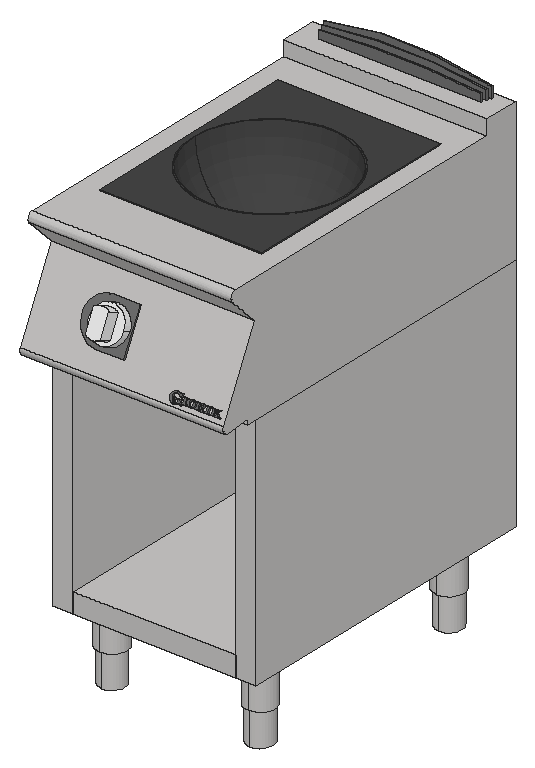
Revit family "QF_GIORIK_CW720G", category Specialty Equipment, Revit 2014
Parameters (values of type "CW720G")
  Weight in Pounds = 187.3927
  Watts = 6000 W
  Volts = 400 V
  URL Cutsheet = "www.giorik.com"
  URL = "www.giorik.com"
  Status [instance] = ""
  Specification by User [instance] = ""
  Specification by Manufacturer = ""
  Show Logo [instance] = yes
  Show Clearance [instance] = yes
  Serial Number = ""
  Seismic Rating = ""
  SMACNA No = ""
  Revision Code [instance] = ""
  Phase = 3
  Number of Poles [instance] = 3
  NAFEM Spec ID Number = ""
  Model = "CW720G"
  Min Ckt Ampacity = 0 A
  Max Overcurrent Protection = 0 A
  Masterspec = ""
  Manufacturer = "GIORIK"
  Item Number [instance] = ""
  Installed By [instance] = ""
  Identify Quantity as Lot [instance] = no
  HP = "8.046120000000"
  Furnished By [instance] = ""
  Foodservice Equipment Identifier [instance] = yes
  FL Amps = 0 A
  Electrical Remarks [instance] = ""
  Electric Connection Type [instance] = ""
  Elec Conn RI Height [instance] = 0 mm
  Elec Conn Connection Height [instance] = 150 mm
  Description = "INDUCTION WOK HOB ON OPEN BASE UNIT"
  Cycle = 50 Hz
  Conn Plug = ""
  CSI MasterFormat = ""
  Assembly Code = "E1090320"
  Apparent Power = 6000 VA
Reference planes
  plane 1 "Back": y = 0
  plane 2: z = 0
  plane 3 "Left": x = 0
  plane 4 "Right": x = 400
  plane 5 "Front": y = -720
  plane 6 "Top": z = 900
Forms (mm)
  Extrusion 1, solid, visible <- "Show Logo"
    sketch origin (196.604, -736.761, 609.486) x (-1, 0, 0) y (0, 0.452718, 0.891654)
      loop
        line (-118.824, 58.358) -> (-127.804, 58.358) -> (-125.523, 56.445) -> (-125.523, 48.027) -> (-127.804, 46.113) -> (-118.824, 46.113) -> (-121.105, 48.027) -> (-121.105, 56.445) -> (-118.824, 58.358)
      loop
        line (-163.721, 58.358) -> (-172.7, 58.358) -> (-170.42, 56.445) -> (-170.42, 48.027) -> (-172.7, 46.113) -> (-163.721, 46.113) -> (-166.001, 48.027) -> (-166.001, 56.445) -> (-163.721, 58.358)
      loop
        line (-174.332, 58.358) -> (-183.312, 58.358) -> (-181.031, 56.445) -> (-181.031, 52.435) -> (-186.419, 56.955) -> (-184.416, 58.358) -> (-191.268, 58.358) -> (-188.01, 56.839) -> (-185.455, 54.283) -> (-190.846, 47.858) -> (-193.396, 46.93) -> (-193.396, 46.113) -> (-184.416, 46.113) -> (-185.437, 47.571) -> (-182.443, 51.552) -> (-181.031, 50.894) -> (-181.031, 48.027) -> (-183.312, 46.113) -> (-174.332, 46.113) -> (-176.613, 48.027) -> (-176.613, 56.445) -> (-174.332, 58.358)
      loop
        line (-115.429, 62.063) -> (-115.429, 54.198)
        arc (-115.429, 54.198) -> (-111.618, 57.803) -> (-106.847, 59.986) r 16.039
        arc (-106.847, 59.986) -> (-103.314, 59.837) -> (-100.512, 57.68) r 5.851
        arc (-100.512, 57.68) -> (-98.815, 52.267) -> (-100.512, 46.853) r 9.479
        arc (-100.512, 46.853) -> (-102.406, 44.986) -> (-104.846, 43.93) r 7.236
        arc (-104.846, 43.93) -> (-107.728, 44.111) -> (-110.052, 45.825) r 5.11
        line (-110.052, 45.825) -> (-110.052, 52.001) -> (-116.141, 52.001) -> (-116.141, 45.503) -> (-117.893, 43.751) -> (-114.094, 44.769)
        arc (-114.094, 44.769) -> (-112.56, 44.947) -> (-111.129, 44.366) r 3.115
        arc (-111.129, 44.366) -> (-104.216, 42.091) -> (-97.303, 44.366) r 11.641
        arc (-97.303, 44.366) -> (-93.396, 52.107) -> (-97.303, 59.849) r 9.622
        arc (-97.303, 59.849) -> (-104.369, 62.174) -> (-111.435, 59.849) r 11.898
        line (-111.435, 59.849) -> (-115.429, 62.063)
      loop
        arc (-129.234, 56.068) -> (-135.893, 58.628) -> (-142.552, 56.068) r 9.941
        arc (-142.552, 56.068) -> (-144.234, 52.286) -> (-142.552, 48.505) r 5.093
        arc (-142.552, 48.505) -> (-135.893, 45.945) -> (-129.234, 48.505) r 9.941
        arc (-129.234, 48.505) -> (-127.552, 52.286) -> (-129.234, 56.068) r 5.093
      loop
        arc (-132.628, 54.403) -> (-135.893, 57.668) -> (-139.158, 54.403) r 3.265
        line (-139.158, 54.403) -> (-139.158, 50.169)
        arc (-139.158, 50.169) -> (-135.893, 46.904) -> (-132.628, 50.169) r 3.265
        line (-132.628, 50.169) -> (-132.628, 54.403)
      loop
        arc (-156.363, 58.365) -> (-159.647, 55.081) -> (-156.363, 51.796) r 3.285
        line (-156.363, 51.796) -> (-159.529, 47.306) -> (-162.087, 46.113) -> (-155.847, 46.113) -> (-153.529, 51.083) -> (-150.637, 51.083) -> (-150.637, 47.784) -> (-153.022, 46.113) -> (-144.011, 46.113) -> (-146.094, 47.68) -> (-146.094, 56.493) -> (-144.229, 58.365) -> (-156.363, 58.365)
      loop
        line (-150.637, 57.512) -> (-153.637, 57.512)
        arc (-153.637, 57.512) -> (-156.237, 54.912) -> (-153.637, 52.312) r 2.6
        line (-153.637, 52.312) -> (-150.637, 52.312) -> (-150.637, 57.512)
      loop
        line (-108.924, 52.001) -> (-104.936, 49.005) -> (-100.948, 52.001) -> (-108.924, 52.001)
    from 1.5 to -0.5
  Extrusion 2, solid
    sketch origin (-16, 1025.81, 0) x (1, 0, 0) y (0, 1, 0)
      loop
        line (25, -1086.81) -> (25, -1156.81) -> (115, -1156.81) -> (115, -1086.81) -> (25, -1086.81)
    from 148 to 150
  Extrusion 3, solid
    sketch origin (-4, 0, 130) x (1, 0, 0) y (0, 1, 0)
      loop
        circle (54, -385) r 12.5
    from 0 to 20
  Extrusion 4, solid
    sketch origin (0, 1000, -20) x (0, 1, 0) y (0, 0, 1)
      loop
        line (-1000, 919.988) -> (-1070, 919.988) -> (-1070, 889.988) -> (-1688.806, 889.988)
        arc (-1688.806, 889.988) -> (-1699.151, 883.075) -> (-1696.724, 870.873) r 11.197
        line (-1696.724, 870.873) -> (-1640.876, 815.025) -> (-1718.948, 661.258)
        arc (-1718.948, 661.258) -> (-1718.233, 650.105) -> (-1708.118, 645.354) r 10.981
        line (-1708.118, 645.354) -> (-1660, 649.925) -> (-1660, 640) -> (-1000, 640) -> (-1000, 919.988)
    from 0 to 400
  Extrusion 5, solid
    sketch origin (0, 0, 599.536) x (1, 0, 0) y (0, 1, 0)
      loop
        line (0, -640) -> (40, -640) -> (40, -40) -> (360, -40) -> (360, -640) -> (400, -640) -> (400, 0) -> (0, 0) -> (0, -640)
    from -449.536 to 20.464
  Extrusion 6, solid
    sketch origin (0, 0, 0) x (1, 0, 0) y (0, 1, 0)
      loop
        line (40, -40) -> (40, -640) -> (360, -640) -> (360, -40) -> (40, -40)
    from 150 to 190
  Extrusion 7, solid
    sketch origin (-16, 560.81, 0) x (1, 0, 0) y (0, 1, 0)
      loop
        line (25, -1086.81) -> (25, -1156.81) -> (115, -1156.81) -> (115, -1086.81) -> (25, -1086.81)
    from 148 to 150
  Revolve 8, solid
    sketch origin (54, 560.81, 0) x (0, 1, 0) y (0, 0, 1)
      loop
        line (-1092.56, 66) -> (-1092.56, 148) -> (-1121.81, 148) -> (-1121.81, 0) -> (-1096.81, 0) -> (-1096.81, 66) -> (-1092.56, 66)
      axis (-1121.81, 0) -> (-1121.81, 148)
    angle from 0 to 360
  Revolve 9, solid
    sketch origin (54, 1025.81, 0) x (0, 1, 0) y (0, 0, 1)
      loop
        line (-1092.56, 66) -> (-1092.56, 148) -> (-1121.81, 148) -> (-1121.81, 0) -> (-1096.81, 0) -> (-1096.81, 66) -> (-1092.56, 66)
      axis (-1121.81, 0) -> (-1121.81, 148)
    angle from 0 to 360
  Extrusion 10, solid
    sketch origin (416, 560.81, 0) x (-1, 0, 0) y (0, -1, 0)
      loop
        line (25, 1086.81) -> (115, 1086.81) -> (115, 1156.81) -> (25, 1156.81) -> (25, 1086.81)
    from 148 to 150
  Revolve 11, solid
    sketch origin (346, 560.81, 0) x (0, 1, 0) y (0, 0, -1)
      loop
        line (-1092.56, -66) -> (-1096.81, -66) -> (-1096.81, 0) -> (-1121.81, 0) -> (-1121.81, -148) -> (-1092.56, -148) -> (-1092.56, -66)
      axis (-1121.81, 0) -> (-1121.81, -148)
    angle from 0 to 360
  Extrusion 12, solid
    sketch origin (416, -1217.81, 0) x (-1, 0, 0) y (0, -1, 0)
      loop
        line (25, -1086.81) -> (25, -1156.81) -> (115, -1156.81) -> (115, -1086.81) -> (25, -1086.81)
    from 148 to 150
  Revolve 13, solid
    sketch origin (346, -1217.81, 0) x (0, -1, 0) y (0, 0, 1)
      loop
        line (-1092.56, 66) -> (-1092.56, 148) -> (-1121.81, 148) -> (-1121.81, 0) -> (-1096.81, 0) -> (-1096.81, 66) -> (-1092.56, 66)
      axis (-1121.81, 0) -> (-1121.81, 148)
    angle from 0 to 360
  Extrusion 14, solid
    sketch origin (-273.221, -963.345, 52.363) x (1, 0, 0) y (0, 0.452718, 0.891654)
      loop
        line (463.221, 676.25) -> (463.221, 766.25) -> (409.698, 766.25)
        arc (409.698, 766.25) -> (364.698, 721.25) -> (409.698, 676.25) r 45
        line (409.698, 676.25) -> (463.221, 676.25)
    from 48 to 50
  Extrusion 15, solid
    sketch origin (501.331, -1008.697, 74.959) x (-1, 0, 0) y (0, -0.45351, -0.891251)
      loop
        circle (351.331, -721.346) r 35
    from 0 to 15
  Extrusion 16, solid
    sketch origin (501.331, -1008.697, 74.959) x (-1, 0, 0) y (0, -0.45351, -0.891251)
      loop
        arc (336.331, -743.846) -> (351.331, -748.846) -> (366.331, -743.846) r 25
        line (366.331, -743.846) -> (366.331, -698.846)
        arc (366.331, -698.846) -> (351.331, -693.846) -> (336.331, -698.846) r 25
        line (336.331, -698.846) -> (336.331, -743.846)
    from 15 to 40
  Extrusion 17, solid
    sketch origin (-94, 0, -10.001) x (1, 0, 0) y (0, 0, 1)
      loop
        line (135, 909.989) -> (453, 909.989) -> (453, 925.527) -> (347.056, 931.749) -> (240.944, 931.749) -> (135, 925.527) -> (135, 909.989)
    from 32 to 35
  Extrusion 18, solid
    sketch origin (-92, 10, -10.001) x (1, 0, 0) y (0, 0, 1)
      loop
        line (454, 909.989) -> (454, 928.527) -> (346.162, 939.193) -> (237.838, 939.193) -> (130, 928.527) -> (130, 909.989) -> (454, 909.989)
    from 32 to 35
  Extrusion 19, solid
    sketch origin (-90, 20, -10.001) x (1, 0, 0) y (0, 0, 1)
      loop
        line (455, 909.989) -> (455, 930.527) -> (345.396, 947.413) -> (234.604, 947.413) -> (125, 930.527) -> (125, 909.989) -> (455, 909.989)
    from 32 to 35
  Revolve 20, solid
    sketch origin (-0.001, -355, 870.988) x (1, 0, 0) y (0, 0, 1)
      loop
        arc (200, -148) -> (95.348, -104.652) -> (52, 0) r 148
        line (52, 0) -> (50, 0)
        arc (50, 0) -> (93.934, -106.066) -> (200, -150) r 150
        line (200, -150) -> (200, -148)
      axis (200, 0) -> (200, -150)
    angle from 0 to 360
  Revolve 21, void
    sketch origin (-0.001, -355, 869.988) x (1, 0, 0) y (0, 0, 1)
      loop
        arc (50, 0) -> (93.934, -106.066) -> (200, -150) r 150
        line (200, -150) -> (200, 0) -> (50, 0)
      axis (200, 0) -> (200, -150)
    angle from 0 to 360
  Extrusion 22, solid
    sketch origin (0, 0, 868.988) x (0, 1, 0) y (-1, 0, 0)
      loop
        line (-575, -359.999) -> (-135, -359.999) -> (-135, -39.999) -> (-575, -39.999) -> (-575, -359.999)
      loop
        circle (-355, -199.999) r 150
    from 0 to 2
Cuts and joins
  Revolve 21 cuts Extrusion 4
Lines and regions (mm)
  symbolic lines, style "200-EquipBorder-2D"
    curve 1: line (0, -720, 0) -> (400, -720, 0)
    curve 2: line (400, -720, 0) -> (400, 0, 0)
    curve 3: line (400, 0, 0) -> (0, 0, 0)
    curve 4: line (0, 0, 0) -> (0, -720, 0)
  symbolic lines, style "200-EquipInternal-2D"
    curve 5: line (0, -70, 900) -> (400, -70, 900)
    curve 6: line (35, -12, 900) -> (365, -12, 900)
    curve 7: line (365, -12, 900) -> (365, -15, 900)
    curve 8: line (365, -15, 900) -> (35, -15, 900)
    curve 9: line (35, -15, 900) -> (35, -12, 900)
    curve 10: line (38, -22, 900) -> (362, -22, 900)
    curve 11: line (362, -22, 900) -> (362, -25, 900)
    curve 12: line (362, -25, 900) -> (38, -25, 900)
    curve 13: line (38, -25, 900) -> (38, -22, 900)
    curve 14: line (41, -32, 900) -> (359, -32, 900)
    curve 15: line (359, -32, 900) -> (359, -35, 900)
    curve 16: line (359, -35, 900) -> (41, -35, 900)
    curve 17: line (41, -35, 900) -> (41, -32, 900)
    curve 18: circle (199.999, -355, 900) r 150 normal (0, 0, 1)
    curve 19: line (359.999, -135, 900) -> (39.999, -135, 900)
    curve 20: line (39.999, -575, 900) -> (359.999, -575, 900)
    curve 21: line (39.999, -135, 900) -> (39.999, -575, 900)
    curve 22: line (359.999, -575, 900) -> (359.999, -135, 900)
Dimensions and locks
  plane 3 "Left" to plane 4 "Right" = 400 mm
  plane 5 "Front" to plane 1 "Back" = 720 mm
  plane 4 "Right" to plane 3 "Left" = 400 mm
  plane 1 "Back" to plane 5 "Front" = 720 mm
  plane 6 "Top" to level = 900 mm  (x2)
  aligned and locked: level to plane 2
Connectors
  electrical at (50, -385, 130), driven by "Apparent Power", driven by "Volts", driven by "Number of Poles"
    settings: on Extrusion 3, index 1, voltage 400 V, apparent load 0 VA, apparent load phase1 6000 VA, apparent load phase2 0 VA, apparent load phase3 0 VA, power factor 1, load classification "Other", number of poles 3, system type 31, power factor state 1, is connector primary yes, connector utility no, sub classification motor no, connector description "Electrical connection"
